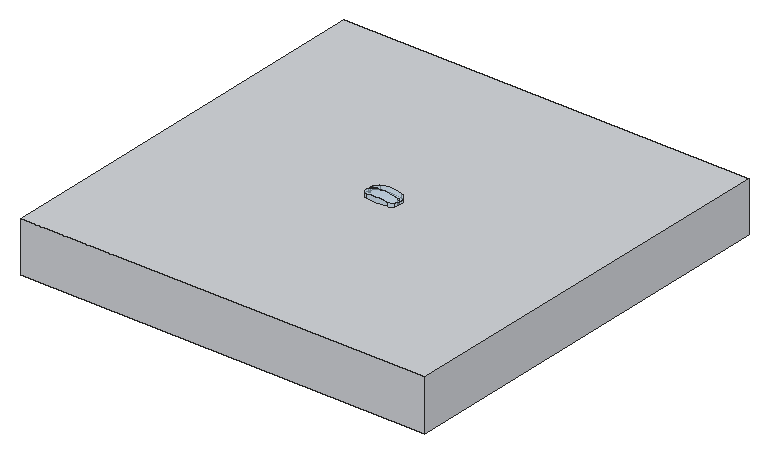
Revit family "GALAD Блистер LED", category Осветительные приборы, Revit 2018 (continued)
Types (3, lengths in mm): name | Файл фотометрической сетки | built-in parameter 1150142 | Материал рассеивателя | Материал корпуса | URL | IP | ADSK_Наименование краткое | ADSK_Наименование | ADSK_Марка | ADSK_Код изделия
  GALAD Блистер LED-9 ECO IP65 | "svetilnik GALAD blister LED-9 ECO IP65.ies" | "IESNA:LM-63-1995\r\n[TEST] Протокол №297R/20, ПАС\r\r\n[DATA]11.09.2020\r\r\n[MANUFAC] GALAD\r\r\n[LUMCAT]  \r\n[LUMINAIRE]Блистер LED-9 ECO IP65\r\r\n[LAMPCAT] \r\r\n[LAMP] LED 9 Вт\r\r\nTILT=NONE\r\n1     710 0.710 73 145 1 2 0.200 0.118 0.040\r\n1.0 1.0 9\r\n0.0 2.5 5.0 7.5 10.0 12.5 15.0 17.5 20.0 22.5 25.0 27.5 30.0 32.5 35.0 37.5 40.0 42.5 45.0 47.5 50.0 52.5 55.0 57.5 60.0 62.5 65.0 67.5 70.0 72.5 75.0 77.5 80.0 82.5 85.0 87.5 90.0 92.5 95.0 97.5 100.0 102.5 105.0 107.5 110.0 112.5 115.0 117.5 120.0 122.5 125.0 127.5 130.0 132.5 135.0 137.5 140.0 142.5 145.0 147.5 150.0 152.5 155.0 157.5 160.0 162.5 165.0 167.5 170.0 172.5 175.0 177.5 180.0\r\n0.0 2.5 5.0 7.5 10.0 12.5 15.0 17.5 20.0 22.5 25.0 27.5 30.0 32.5 35.0 37.5 40.0 42.5 45.0 47.5 50.0 52.5 55.0 57.5 60.0 62.5 65.0 67.5 70.0 72.5 75.0 77.5 80.0 82.5 85.0 87.5 90.0 92.5 95.0 97.5 100.0 102.5 105.0 107.5 110.0 112.5 115.0 117.5 120.0 122.5 125.0 127.5 130.0 132.5 135.0 137.5 140.0 142.5 145.0 147.5 150.0 152.5 155.0 157.5 160.0 162.5 165.0 167.5 170.0 172.5 175.0 177.5 180.0 182.5 185.0 187.5 190.0 192.5 195.0 197.5 200.0 202.5 205.0 207.5 210.0 212.5 215.0 217.5 220.0 222.5 225.0 227.5 230.0 232.5 235.0 237.5 240.0 242.5 245.0 247.5 250.0 252.5 255.0 257.5 260.0 262.5 265.0 267.5 270.0 272.5 275.0 277.5 280.0 282.5 285.0 287.5 290.0 292.5 295.0 297.5 300.0 302.5 305.0 307.5 310.0 312.5 315.0 317.5 320.0 322.5 325.0 327.5 330.0 332.5 335.0 337.5 340.0 342.5 345.0 347.5 350.0 352.5 355.0 357.5 360.0\r\n287.28 288.69 289.12 288.27 286.72 284.61 282.07 279.11 275.59 271.36 266.57 261.50 255.87 249.38 242.62 235.29 227.55 219.23 210.07 200.92 191.62 182.18 171.89 161.18 150.62 140.05 129.34 118.49 108.07 97.92 88.06 78.90 70.31 62.56 55.23 48.61 42.83 37.48 32.69 28.74 25.36 22.68 20.29 17.19 13.53 10.85 9.72 9.16 10.00 10.85 10.85 10.71 10.71 10.29 9.72 9.16 8.74 8.31 7.89 7.33 7.04 6.62 6.20 5.64 4.93 4.23 3.66 3.38 3.38 3.24 2.40 0.85 0.14 \r\n287.28 288.69 289.26 288.41 286.86 285.03 282.49 279.39 276.01 271.79 267.14 261.78 256.01 249.67 242.62 235.44 227.69 219.37 210.78 201.76 192.46 182.60 172.31 162.03 151.32 140.47 129.76 119.06 108.49 98.34 88.76 79.32 70.73 62.84 55.51 49.03 42.97 37.76 32.97 28.88 25.50 22.82 20.29 17.33 13.67 10.85 9.44 8.88 9.72 10.57 10.57 10.57 10.43 10.14 9.58 9.16 8.74 8.31 7.89 7.33 7.04 6.62 6.06 5.64 4.93 4.23 3.66 3.38 3.38 3.24 2.25 0.85 0.14 \r\n287.28 288.69 289.26 288.55 287.00 285.17 282.78 279.68 276.01 271.79 267.28 261.92 256.01 249.53 242.62 235.29 227.69 219.66 210.92 201.76 192.46 182.74 172.46 162.17 151.74 140.90 130.19 119.34 108.63 98.49 88.62 79.61 71.01 62.84 55.65 49.17 43.25 37.76 32.97 28.88 25.50 22.82 20.43 17.47 13.81 10.85 9.30 8.74 9.58 10.43 10.43 10.43 10.43 10.00 9.44 9.02 8.59 8.17 7.75 7.33 7.04 6.62 6.06 5.49 4.93 4.23 3.66 3.38 3.24 3.24 2.25 0.85 0.14 \r\n287.28 288.69 289.26 288.55 287.14 285.31 282.78 279.39 275.73 271.65 266.86 261.64 256.15 249.95 243.04 236.00 228.25 220.08 211.62 202.47 192.74 182.88 172.88 162.59 151.74 141.04 130.33 119.62 109.05 98.63 88.76 79.46 70.87 62.98 55.65 49.17 43.11 37.76 32.97 28.88 25.50 22.82 20.29 16.91 13.39 10.85 9.44 8.88 9.72 10.43 10.43 10.43 10.43 10.00 9.44 9.02 8.59 8.17 7.75 7.33 6.90 6.62 6.06 5.64 4.93 4.23 3.66 3.38 3.24 3.24 2.11 0.70 0.14 \r\n287.28 288.83 289.26 288.55 287.00 285.17 282.64 279.11 275.45 271.79 267.14 261.78 256.29 249.95 243.33 235.86 228.11 220.08 211.48 202.47 193.03 183.45 173.30 162.73 152.03 141.32 130.33 119.76 109.05 98.91 89.05 79.75 71.15 62.98 55.65 49.03 43.11 37.76 32.97 28.88 25.50 22.68 20.29 17.19 13.81 10.85 9.16 8.88 9.72 10.14 10.14 10.29 10.14 9.86 9.30 8.88 8.45 8.03 7.61 7.19 6.90 6.48 6.06 5.49 4.93 4.23 3.66 3.38 3.24 3.24 2.11 0.70 0.14 \r\n287.28 288.83 289.40 288.55 286.86 284.89 282.21 279.11 275.59 271.79 267.28 262.06 256.29 250.09 243.47 236.42 228.53 220.36 211.91 202.61 193.03 183.45 173.72 162.87 152.31 141.46 130.75 119.90 109.19 98.91 89.05 79.61 70.87 62.84 55.51 48.75 42.69 37.34 32.69 28.60 25.22 22.54 20.01 17.33 14.09 11.13 9.44 8.74 9.44 10.00 10.00 10.14 10.14 9.86 9.30 8.88 8.45 8.03 7.61 7.19 6.76 6.48 6.06 5.49 4.93 4.09 3.52 3.38 3.24 3.10 1.97 0.70 0.14 \r\n287.28 288.83 289.40 288.41 286.72 284.61 281.93 279.11 275.87 271.93 267.28 261.92 256.29 250.09 243.18 236.28 228.39 220.08 211.77 202.33 192.89 183.45 173.16 162.73 152.31 141.46 130.47 119.76 109.19 98.77 88.76 79.46 70.73 62.70 55.37 48.61 42.69 37.20 32.41 28.46 25.08 22.40 19.87 17.05 14.09 11.69 10.14 9.58 9.72 9.58 9.58 9.72 9.72 9.44 9.02 8.74 8.31 8.03 7.61 7.19 6.76 6.34 5.92 5.49 4.79 4.09 3.52 3.38 3.24 3.10 1.83 0.56 0.14 \r\n287.28 288.83 289.40 288.27 286.58 284.47 281.93 279.11 275.87 271.65 267.00 261.92 256.29 250.09 243.47 236.28 228.39 220.08 211.62 202.61 193.31 183.16 173.16 162.87 152.17 141.32 130.33 119.48 108.91 98.63 88.76 79.32 70.59 62.28 54.95 48.19 42.13 36.77 32.12 28.18 24.80 22.12 19.73 17.19 14.37 11.84 10.29 9.72 9.58 9.30 9.16 9.16 9.16 8.88 8.59 8.45 8.17 7.89 7.47 7.04 6.76 6.34 5.92 5.35 4.65 3.95 3.52 3.38 3.24 2.96 1.83 0.56 0.14 \r\n287.28 288.98 289.26 288.13 286.44 284.47 282.07 279.25 275.73 271.50 266.86 262.06 256.43 250.09 243.33 236.14 228.39 220.36 211.62 202.47 193.31 183.45 173.30 162.73 152.03 141.18 130.47 119.62 108.91 98.34 88.34 79.04 70.31 62.13 54.67 48.05 41.99 36.63 31.84 27.90 24.52 21.84 19.44 16.63 13.95 11.84 10.57 10.14 9.86 9.44 9.16 9.02 8.74 8.31 8.03 7.89 7.75 7.61 7.33 7.04 6.62 6.34 5.78 5.21 4.65 3.95 3.52 3.38 3.24 2.96 1.69 0.42 0.14 \r\n287.28 288.98 289.12 287.99 286.30 284.47 282.21 279.39 275.87 271.65 267.00 261.92 256.29 249.95 243.18 236.00 227.97 220.08 211.77 202.47 193.03 183.45 173.30 162.73 152.17 141.32 130.33 119.48 108.77 98.34 88.48 78.90 70.02 61.85 54.39 47.48 41.42 36.07 31.28 27.33 24.09 21.42 19.02 16.48 14.09 12.12 11.13 10.71 10.00 9.44 9.02 8.88 8.31 7.89 7.47 7.33 7.19 7.04 7.04 6.76 6.62 6.20 5.78 5.21 4.51 3.80 3.52 3.38 3.24 2.82 1.55 0.42 0.14 \r\n287.28 288.83 289.12 287.85 286.16 284.33 282.21 279.39 275.87 271.65 267.14 261.78 256.29 250.09 243.18 236.00 228.25 219.80 211.34 202.61 192.89 182.88 173.02 162.59 151.88 141.18 130.19 119.20 108.49 98.06 88.06 78.62 69.74 61.43 53.82 47.06 41.00 35.65 31.14 27.19 23.81 21.13 18.88 16.48 14.23 12.26 11.27 10.71 10.00 9.44 9.02 8.74 8.17 7.61 7.19 6.90 6.62 6.62 6.62 6.48 6.34 6.06 5.64 5.07 4.37 3.80 3.38 3.38 3.24 2.68 1.41 0.42 0.14 \r\n287.28 288.83 288.98 287.85 286.16 284.33 282.07 279.25 275.73 271.50 267.00 261.64 256.15 249.67 243.18 236.00 228.25 220.08 211.20 202.18 192.89 183.02 172.88 162.45 151.60 140.90 130.05 119.06 108.21 97.92 87.92 78.20 69.18 61.01 53.40 46.50 40.44 35.08 30.43 26.49 23.25 20.57 18.46 16.20 14.23 12.82 11.98 11.13 10.29 9.58 9.02 8.45 7.89 7.33 6.76 6.48 6.20 6.06 6.06 6.06 6.06 5.92 5.49 4.93 4.37 3.66 3.38 3.24 3.24 2.54 1.27 0.28 0.14 \r\n287.28 288.83 288.83 287.71 286.16 284.33 282.07 279.11 275.59 271.50 266.86 261.78 256.29 249.81 243.18 236.00 228.11 219.94 211.34 202.18 192.60 183.02 172.88 162.59 152.03 141.04 129.91 119.20 108.21 97.64 87.50 77.91 69.04 60.58 52.98 46.21 40.01 34.66 30.01 26.07 22.82 20.29 18.18 16.34 14.51 12.96 11.98 11.13 10.14 9.44 8.88 8.31 7.61 7.04 6.62 6.20 5.92 5.64 5.64 5.64 5.64 5.64 5.35 4.79 4.23 3.66 3.38 3.24 3.24 2.40 1.13 0.28 0.14 \r\n287.28 288.69 288.69 287.71 286.16 284.33 281.93 279.11 275.59 271.50 266.86 261.78 256.01 249.81 243.04 235.86 227.97 219.80 211.34 202.18 192.60 182.88 172.74 162.31 151.74 140.61 129.48 118.63 107.93 97.22 86.93 77.35 68.33 60.02 52.27 45.37 39.17 33.81 29.31 25.50 22.26 19.73 17.61 15.92 14.37 13.10 12.12 11.27 10.43 9.72 9.02 8.31 7.47 6.76 6.20 5.92 5.49 5.35 5.21 5.21 5.21 5.21 5.07 4.65 4.09 3.52 3.38 3.24 3.24 2.25 0.99 0.28 0.14 \r\n287.28 288.69 288.69 287.71 286.16 284.33 281.93 278.97 275.45 271.50 267.00 261.50 255.87 249.95 243.04 235.72 227.97 219.66 211.06 202.04 192.60 182.74 172.46 161.75 151.32 140.47 129.34 118.35 107.50 96.94 86.79 76.93 67.77 59.32 51.71 44.80 38.75 33.39 28.88 24.94 21.84 19.30 17.33 15.78 14.37 13.24 12.26 11.27 10.29 9.44 8.74 7.89 7.19 6.48 6.06 5.64 5.21 4.93 4.79 4.65 4.79 4.79 4.65 4.37 3.95 3.52 3.38 3.24 3.10 2.11 0.85 0.28 0.14 \r\n287.28 288.69 288.55 287.71 286.30 284.47 282.07 278.97 275.45 271.36 266.86 261.22 255.72 249.67 242.62 235.44 227.69 219.51 210.92 201.76 192.18 182.32 172.31 161.75 151.04 140.19 129.20 118.07 106.94 96.37 86.09 76.37 67.35 58.75 51.14 44.10 37.90 32.55 28.04 24.23 21.13 18.74 16.77 15.22 14.09 13.10 12.12 11.13 10.14 9.44 8.74 7.89 7.04 6.34 5.78 5.35 4.93 4.65 4.37 4.37 4.37 4.37 4.37 4.09 3.80 3.52 3.38 3.24 3.10 1.97 0.70 0.14 0.14 \r\n287.28 288.55 288.55 287.71 286.30 284.61 282.07 278.97 275.45 271.22 266.71 261.22 255.58 249.38 242.20 235.15 227.40 218.95 210.50 201.48 192.04 182.04 171.89 161.32 150.48 139.77 128.50 117.65 106.66 95.95 85.66 75.94 66.78 58.19 50.44 43.40 37.20 31.98 27.47 23.67 20.71 18.18 16.34 14.79 13.81 12.96 12.12 10.99 10.14 9.30 8.45 7.61 6.76 6.06 5.49 5.07 4.65 4.37 4.09 3.95 3.95 3.95 3.80 3.80 3.52 3.38 3.38 3.24 3.10 1.83 0.70 0.14 0.14 \r\n287.28 288.41 288.41 287.71 286.30 284.47 281.93 278.97 275.31 271.22 266.57 261.22 255.44 249.10 242.34 234.87 226.98 218.67 210.07 200.92 191.62 181.75 171.33 161.04 150.05 139.20 128.07 116.94 106.23 95.39 84.96 75.24 65.94 57.34 49.45 42.41 36.35 31.14 26.63 22.82 19.87 17.47 15.64 14.23 13.39 12.68 11.84 10.71 9.72 8.88 8.31 7.47 6.76 6.06 5.35 4.79 4.37 3.95 3.80 3.52 3.52 3.38 3.38 3.38 3.38 3.38 3.38 3.24 2.96 1.69 0.56 0.14 0.14 \r\n287.28 288.41 288.41 287.57 286.30 284.19 281.65 278.83 275.31 271.22 266.29 261.08 255.30 249.10 242.34 234.87 227.12 218.81 210.07 200.92 191.34 181.47 171.19 160.76 150.05 139.06 128.07 116.94 105.95 94.82 84.40 74.53 65.23 56.64 48.75 41.70 35.65 30.43 25.92 22.26 19.16 16.91 14.93 13.67 12.82 12.26 11.41 10.57 9.58 8.74 8.03 7.33 6.48 5.78 5.21 4.65 4.09 3.66 3.38 3.24 3.10 2.96 2.96 3.10 3.24 3.24 3.38 3.24 2.96 1.55 0.42 0.14 0.14 \r\n287.28 288.27 288.41 287.57 286.30 284.19 281.51 278.55 275.17 271.08 266.29 260.94 255.16 248.96 242.20 234.59 227.26 218.95 210.07 201.06 191.48 181.33 171.19 160.62 149.63 138.64 127.51 116.52 105.39 94.68 84.11 74.11 64.81 55.94 48.05 41.00 34.80 29.45 25.08 21.42 18.46 16.06 14.37 13.10 12.40 11.69 10.99 10.00 9.16 8.45 7.75 7.19 6.34 5.64 4.93 4.37 3.95 3.52 3.24 2.96 2.68 2.54 2.54 2.68 2.96 3.24 3.24 3.24 2.82 1.41 0.42 0.14 0.14 \r\n287.28 288.27 288.41 287.57 286.30 284.19 281.37 278.55 275.17 271.08 266.29 260.94 255.02 248.68 242.06 234.59 226.70 218.39 209.79 200.63 191.19 181.33 170.91 160.20 149.35 138.50 127.37 116.10 105.11 94.12 83.55 73.55 64.11 55.37 47.48 40.44 34.10 28.88 24.37 20.85 17.89 15.50 13.67 12.40 11.84 11.27 10.57 9.72 8.88 8.31 7.61 6.90 6.20 5.35 4.65 4.09 3.66 3.24 2.82 2.54 2.25 2.11 2.25 2.40 2.82 3.10 3.24 3.24 2.68 1.27 0.28 0.00 0.14 \r\n287.28 288.13 288.27 287.57 286.30 284.33 281.51 278.69 275.17 270.80 266.15 260.94 255.02 248.26 241.63 234.17 226.42 217.96 209.23 200.07 190.63 180.63 170.20 159.77 149.07 137.80 126.81 115.53 104.26 93.41 82.99 72.70 63.26 54.53 46.35 39.31 33.25 27.90 23.53 19.87 17.05 14.65 12.96 11.84 11.13 10.57 9.86 9.16 8.45 8.03 7.47 6.76 6.06 5.07 4.37 3.80 3.38 2.96 2.54 2.25 1.97 1.83 1.83 2.11 2.68 2.96 3.24 3.24 2.68 1.13 0.28 0.00 0.14 \r\n287.28 287.99 288.27 287.43 286.16 284.33 281.65 278.69 275.03 270.52 266.01 260.51 254.74 248.12 241.35 233.74 226.00 217.68 208.95 199.51 190.07 179.92 169.64 159.21 148.50 137.37 126.10 114.97 103.70 92.57 82.00 71.86 62.28 53.54 45.65 38.61 32.41 27.05 22.68 19.02 16.20 13.81 12.26 11.13 10.57 9.86 9.30 8.59 8.03 7.75 7.19 6.48 5.64 4.93 4.09 3.52 3.10 2.68 2.25 1.97 1.55 1.41 1.55 1.97 2.40 2.82 3.10 3.24 2.54 0.99 0.28 0.00 0.14 \r\n287.28 287.99 288.13 287.43 286.16 284.19 281.79 278.41 274.89 270.24 265.73 260.09 254.46 248.26 241.21 233.74 225.71 217.40 208.67 199.37 189.93 179.92 169.50 158.79 148.08 136.95 125.82 114.55 103.28 92.15 81.58 71.29 61.71 52.98 44.80 37.62 31.42 26.07 21.84 18.18 15.36 13.10 11.55 10.57 9.86 9.30 8.59 8.03 7.61 7.19 6.76 6.06 5.35 4.65 3.80 3.24 2.82 2.40 1.97 1.55 1.27 1.13 1.27 1.69 2.25 2.68 2.96 3.24 2.40 0.85 0.14 0.00 0.14 \r\n287.28 287.85 287.99 287.43 286.02 284.04 281.65 278.41 274.89 270.24 265.73 260.09 254.46 247.98 240.93 233.32 225.57 217.40 208.24 199.23 189.64 179.36 169.21 158.65 147.80 136.67 125.40 113.98 102.71 91.58 80.87 70.45 60.87 52.13 43.96 36.91 30.72 25.36 20.99 17.47 14.51 12.26 10.71 10.00 9.44 8.74 8.17 7.61 7.04 6.76 6.34 5.64 4.93 4.23 3.52 2.96 2.54 2.11 1.69 1.27 0.99 0.85 1.13 1.55 1.97 2.40 2.82 3.10 2.25 0.70 0.14 0.00 0.14 \r\n287.28 287.85 287.85 287.43 286.02 283.90 281.51 278.41 274.60 270.10 265.73 260.37 254.17 247.41 240.51 233.04 225.01 216.70 207.96 198.94 189.08 179.08 168.65 158.08 147.09 135.82 124.69 113.42 102.15 90.74 80.03 69.88 60.16 51.29 42.97 35.79 29.59 24.37 20.01 16.48 13.53 11.41 10.00 9.30 8.88 8.45 7.61 7.04 6.62 6.20 5.78 5.21 4.51 3.80 3.24 2.68 2.11 1.69 1.27 0.99 0.70 0.70 0.85 1.27 1.83 2.11 2.68 3.10 2.11 0.70 0.14 0.00 0.14 \r\n287.28 287.71 287.85 287.43 286.02 283.76 281.51 278.27 274.04 269.95 265.31 260.09 253.75 247.13 240.23 232.62 224.59 216.27 207.68 198.38 188.52 178.80 168.37 157.66 146.53 135.54 124.13 112.72 101.30 90.03 79.32 68.90 59.32 50.44 42.41 35.08 28.88 23.53 19.16 15.50 12.54 10.57 9.44 9.02 8.45 7.89 7.19 6.48 5.92 5.49 5.21 4.65 4.09 3.38 2.82 2.25 1.83 1.41 0.99 0.70 0.56 0.56 0.70 1.13 1.55 1.83 2.40 2.96 1.97 0.56 0.14 0.00 0.14 \r\n287.28 287.71 287.85 287.28 286.02 283.76 281.37 278.13 274.04 270.10 264.88 259.53 253.47 247.13 240.09 232.48 224.59 215.99 207.26 197.82 188.09 178.23 167.67 157.10 146.11 134.98 123.42 112.15 100.74 89.33 78.48 68.19 58.47 49.45 41.28 34.24 27.90 22.68 18.32 14.51 11.55 9.72 8.74 8.31 7.89 7.47 6.62 5.92 5.35 4.93 4.65 4.09 3.52 2.96 2.40 1.83 1.41 0.99 0.70 0.56 0.42 0.42 0.56 0.99 1.41 1.69 2.11 2.68 1.83 0.42 0.00 0.00 0.14 \r\n287.28 287.57 287.71 287.28 285.88 283.76 281.09 277.99 274.18 269.95 264.74 259.25 253.05 246.57 239.94 232.20 224.30 215.85 207.12 197.39 187.81 177.81 167.24 156.68 145.54 134.41 123.00 111.45 100.04 88.76 77.77 67.35 57.77 48.75 40.58 33.39 27.05 21.84 17.47 13.53 10.57 9.02 8.31 7.75 7.19 6.62 5.92 5.21 4.79 4.37 3.95 3.52 3.10 2.54 2.11 1.55 1.13 0.85 0.56 0.42 0.42 0.42 0.56 0.85 1.13 1.41 1.83 2.40 1.69 0.42 0.00 0.00 0.14 \r\n287.28 287.57 287.71 287.28 285.74 283.62 280.94 277.85 273.90 269.67 264.74 259.11 252.77 246.57 239.38 231.77 224.02 215.57 206.69 196.97 187.11 177.25 166.68 155.83 144.98 133.71 122.30 110.74 99.47 88.20 77.07 66.78 56.92 47.90 39.73 32.41 26.07 20.85 16.48 12.40 9.58 8.17 7.61 7.04 6.48 6.06 5.49 4.65 4.09 3.80 3.38 3.10 2.68 2.11 1.55 1.13 0.85 0.56 0.42 0.28 0.28 0.28 0.42 0.70 0.99 1.27 1.55 2.11 1.41 0.28 0.00 0.00 0.14 \r\n287.28 287.57 287.71 287.28 285.59 283.48 280.80 277.70 273.76 269.67 264.46 258.97 252.62 246.43 239.10 231.63 223.74 214.86 205.99 196.55 186.55 176.82 166.40 155.55 144.70 133.15 121.73 110.18 98.63 87.21 76.37 65.80 56.08 47.06 39.17 31.70 25.50 20.15 15.36 11.55 8.88 7.47 6.90 6.20 5.64 5.21 4.79 4.09 3.52 3.10 2.82 2.54 2.11 1.69 1.27 0.85 0.56 0.42 0.28 0.28 0.28 0.28 0.28 0.56 0.85 1.13 1.27 1.97 1.27 0.28 0.00 0.00 0.14 \r\n287.28 287.43 287.71 287.28 285.45 283.48 280.80 277.56 273.76 269.25 264.18 258.68 252.62 246.00 238.82 231.35 223.46 214.44 205.42 196.27 186.26 175.98 165.55 154.84 143.99 132.86 121.31 109.62 97.78 86.65 75.52 64.95 55.23 46.50 38.46 31.00 24.66 19.44 14.09 10.29 8.03 6.90 6.06 5.49 4.93 4.51 4.09 3.52 2.96 2.68 2.25 1.97 1.69 1.27 0.99 0.70 0.42 0.28 0.28 0.14 0.14 0.14 0.28 0.42 0.70 0.99 0.99 1.69 1.13 0.14 0.00 0.00 0.14 \r\n287.28 287.43 287.71 287.28 285.31 283.48 280.80 277.42 273.62 268.83 263.90 258.26 252.62 245.58 238.54 231.07 222.90 214.16 205.14 195.70 186.26 175.84 165.27 154.42 143.43 131.88 120.75 109.19 97.50 85.95 74.82 64.
